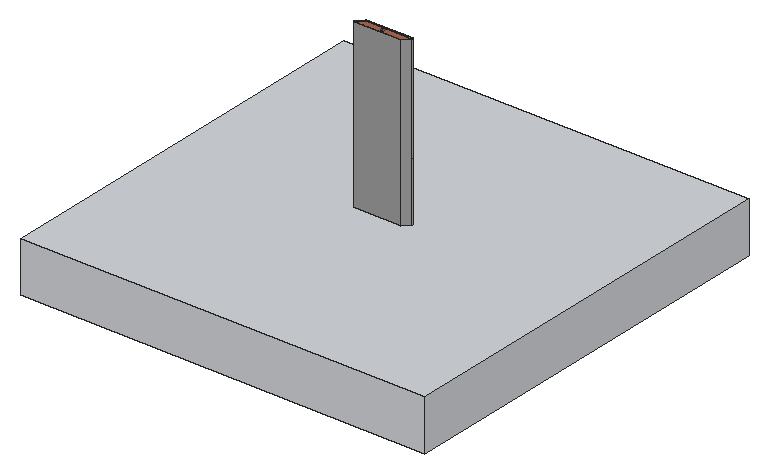
Revit family "SLG - unità cotto", category Generic Models, host Face, Revit 2014
Parameters
  materiale interno [instance] = SLG - Cotto
  cotto lab 2mb [instance] = Default
  cotto interno [instance] = Default
  altezza cotto [instance] = 1.00 m
  Default Elevation = 1.2192 m
Reference planes (m)
  plane 1 "Center (Front/Back)": y = 0
  plane 2: z = 0
  plane 3 "Center (Left/Right)": x = -0.025
  plane 4: y = 0.05
  plane 5: x = -0.15
  plane 6: x = 0.15
  plane 7: x = -0.2
  plane 8: x = 0.1
  plane 9: z = 1
  plane 10: y = 0.025
  plane 11: x = 0.045
  plane 12: x = -0.095
  plane 13: y = 0.045
  plane 14: y = 0.005
  plane 15: y = 0.045
  plane 16: through (-0.077974, 0.121742, 1.2192) normal (0.7071, -0.7071, 0)
  plane 17: through (-0.068355, 0.124291, 1.2192) normal (0.7071, -0.7071, 0)
  plane 18: through (0.214671, 0.121742, 1.2192) normal (0.7071, -0.7071, 0)
  plane 19: through (0.224291, 0.124291, 1.2192) normal (0.7071, -0.7071, 0)
  plane 20: y = 0.005
  plane 21: through (-0.297026, 0.121742, 1.2192) normal (0.7071, 0.7071, 0)
  plane 22: through (-0.306645, 0.124291, 1.2192) normal (0.7071, 0.7071, 0)
  plane 23: through (0.060002, 0.121742, 1.2192) normal (0.7071, 0.7071, 0)
  plane 24: through (0.050383, 0.124291, 1.2192) normal (0.7071, 0.7071, 0)
Forms (m)
  Extrusion 1, solid
    sketch origin (0, 0, 0) x (1, 0, 0) y (0, 1, 0)
      loop
        line (-1.2192, 1.2192) -> (-1.2192, -1.2192) -> (1.2192, -1.2192) -> (1.2192, 1.2192) -> (-1.2192, 1.2192)
    from 0 to -0.3048
  Extrusion 2, void
    sketch origin (0, 0, 0) x (1, 0, 0) y (0, 1, 0)
      loop
        circle (-0.025, 0.025) r 0.013
    from 0 to 1
  Extrusion 3, void
    sketch origin (0, 0, 0) x (1, 0, 0) y (0, 1, 0)
      loop
        circle (0.045, 0.025) r 0.007
    from 0 to 1
  Extrusion 4, void
    sketch origin (0, 0, 0) x (1, 0, 0) y (0, 1, 0)
      loop
        circle (-0.095, 0.025) r 0.007
    from 0 to 1
  Extrusion 5, solid, material "SLG - Cotto" <- "materiale interno"
    sketch origin (-0.05, 0, 0) x (-1, 0, 0) y (0, -1, 0)
      loop
        line (-0.183801, -0.040872) -> (-0.179673, -0.045) -> (0.097645, -0.045) -> (0.133964, -0.008681) -> (0.130284, -0.005) -> (-0.147929, -0.005) -> (-0.183801, -0.040872)
    from 0 to 1
  Extrusion 6, void
    sketch origin (-0.05, 0, 0) x (-1, 0, 0) y (0, -1, 0)
      loop
        circle (-0.025, -0.025) r 0.013
    from 0 to 1
  Extrusion 7, void
    sketch origin (-0.05, 0, 0) x (-1, 0, 0) y (0, -1, 0)
      loop
        circle (0.045, -0.025) r 0.007
    from 0 to 1
  Extrusion 8, void
    sketch origin (-0.05, 0, 0) x (-1, 0, 0) y (0, -1, 0)
      loop
        circle (-0.095, -0.025) r 0.007
    from 0 to 1
  Extrusion 9, solid, material "Default" <- "cotto interno"
    sketch origin (-0.05, 0, 0) x (-1, 0, 0) y (0, -1, 0)
      loop
        line (-0.187337, -0.037337) -> (-0.190872, -0.040872) -> (-0.181744, -0.05) -> (0.1, -0.05) -> (0.141319, -0.008681) -> (0.133964, -0.008681) -> (0.097645, -0.045) -> (-0.179673, -0.045) -> (-0.187337, -0.037337)
    from 0 to 1
  Extrusion 10, solid, material "Default" <- "cotto lab 2mb"
    sketch origin (-0.05, 0, 0) x (-1, 0, 0) y (0, -1, 0)
      loop
        line (-0.187337, -0.037337) -> (-0.183801, -0.040872) -> (-0.147929, -0.005) -> (0.130284, -0.005) -> (0.133964, -0.008681) -> (0.141319, -0.008681) -> (0.132638, 0) -> (-0.15, 0) -> (-0.187337, -0.037337)
    from 0 to 1
Cuts and joins
  Extrusion 6 cuts Extrusion 5
Dimensions and locks (m)
  "altezza cotto": plane 9 to level
  aligned and locked: plane 2 to Extrusion 1
  aligned and locked: level to Extrusion 1
  aligned and locked: plane 9 to Extrusion 10
  aligned and locked: plane 9 to Extrusion 9
  aligned and locked: plane 9 to cut or joined group of Extrusion 5, Extrusion 6  (x2)
  aligned and locked: plane 9 to Extrusion 7
  aligned and locked: plane 9 to Extrusion 2
  aligned and locked: plane 9 to Extrusion 8
Automatic sketch dimensions
  Extrusion 1 sketch curve to Extrusion 1 sketch curve = 2.4384 m  (x2)
  Extrusion 2 sketch curve to plane 3 "Center (Left/Right)" = 0.00 m
  plane 10 to Extrusion 2 sketch curve = 0.00 m
  plane 10 to Extrusion 3 sketch curve = 0.00 m
  Extrusion 3 sketch curve to plane 11 = 0.00 m
  plane 10 to Extrusion 4 sketch curve = 0.00 m
  Extrusion 4 sketch curve to plane 12 = 0.00 m
  Extrusion 5 sketch curve to plane 18 = 0.00 m
  Extrusion 5 sketch curve to plane 24 = 0.00 m  (x2)
  Extrusion 5 sketch curve to plane 13 = 0.00 m
  Extrusion 5 sketch curve to plane 14 = 0.00 m
  Extrusion 5 sketch curve to plane 17 = 0.00 m  (x2)
  Extrusion 5 sketch curve to plane 21 = 0.00 m
  Extrusion 6 sketch curve to plane 3 "Center (Left/Right)" = 0.00 m
  plane 10 to Extrusion 6 sketch curve = 0.00 m
  plane 10 to Extrusion 7 sketch curve = 0.00 m
  Extrusion 7 sketch curve to plane 12 = 0.00 m
  plane 10 to Extrusion 8 sketch curve = 0.00 m
  Extrusion 8 sketch curve to plane 11 = 0.00 m
  Extrusion 9 sketch curve to plane 19 = 0.00 m  (x2)
  Extrusion 9 sketch curve to plane 23 = 0.00 m
  Extrusion 9 sketch curve to plane 24 = 0.00 m
  Extrusion 9 sketch curve to plane 4 = 0.00 m
  Extrusion 9 sketch curve to plane 13 = 0.00 m
  Extrusion 9 sketch curve to plane 17 = 0.00 m  (x2)
  Extrusion 9 sketch curve to plane 5 = 0.00 m
  Extrusion 9 sketch curve to plane 21 = 0.00 m
  Extrusion 9 sketch curve to Extrusion 9 sketch curve = 0.007355 m
  Extrusion 10 sketch curve to plane 19 = 0.00 m
  Extrusion 10 sketch curve to plane 24 = 0.00 m  (x2)
  Extrusion 10 sketch curve to plane 18 = 0.00 m
  plane 1 "Center (Front/Back)" to Extrusion 10 sketch curve = 0.00 m
  Extrusion 10 sketch curve to plane 14 = 0.00 m
  Extrusion 10 sketch curve to plane 21 = 0.00 m  (x2)
  Extrusion 10 sketch curve to plane 17 = 0.00 m
  Extrusion 10 sketch curve to Extrusion 10 sketch curve = 0.002355 m
  Extrusion 10 sketch curve to Extrusion 10 sketch curve = 0.007355 m
  radius of Extrusion 2 sketch curve = 0.013 m
  radius of Extrusion 3 sketch curve = 0.007 m
  radius of Extrusion 4 sketch curve = 0.007 m
  radius of Extrusion 6 sketch curve = 0.013 m
  radius of Extrusion 7 sketch curve = 0.007 m
  radius of Extrusion 8 sketch curve = 0.007 m
